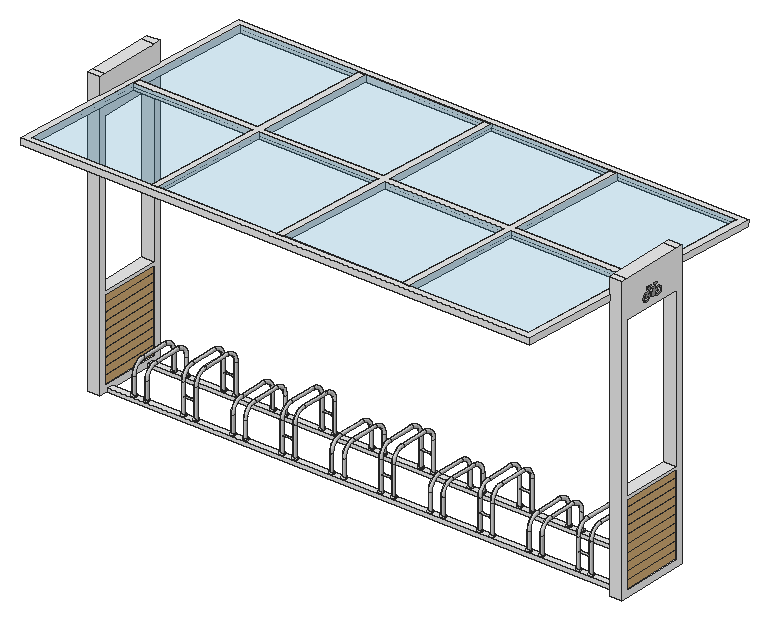
Revit family "L-FUM_자전거보관대_DWC-185_데오스웍스", category 일반 모델, Revit 2019 (continued)
Definition of nested family "DWC-185_base"
  Forms (mm)
    Extrusion 90, solid, detail levels coarse+medium
      sketch origin (0, -680, 0) x (1, 0, 0) y (0, 1, 0)
        loop
          line (4200, 800) -> (100, 800) -> (100, 750) -> (4200, 750) -> (4200, 800)
      from 0 to 30
    Sweep 91, solid, detail levels coarse+medium
      path origin (695.931, -679.946, -12) x (0, 1, 0) y (0, 0, 1)
        loop
          line (1174.95, 42) -> (1174.95, 290)
          arc (1174.95, 290) -> (1148.941, 352.791) -> (1086.15, 378.8) r 88.8
          line (1086.15, 378.8) -> (863.85, 378.8)
          arc (863.85, 378.8) -> (801.059, 352.791) -> (775.05, 290) r 88.8
          line (775.05, 290) -> (775.05, 42)
      profile "자전거스윕 : 자전거스윕" origin (695.931, 495.004, 154) x (0, -1, 0) y (1, 0, 0)
        loop
          circle (0, 0) r 11.15
    Sweep 92, solid, detail levels coarse+medium
      path origin (798.231, -679.946, -12) x (0, 1, 0) y (0, 0, 1)
        loop
          line (1174.95, 42) -> (1174.95, 290)
          arc (1174.95, 290) -> (1148.941, 352.791) -> (1086.15, 378.8) r 88.8
          line (1086.15, 378.8) -> (863.85, 378.8)
          arc (863.85, 378.8) -> (801.059, 352.791) -> (775.05, 290) r 88.8
          line (775.05, 290) -> (775.05, 42)
      profile "자전거스윕 : 자전거스윕" origin (798.231, 495.004, 154) x (0, -1, 0) y (1, 0, 0)
        loop
          circle (0, 0) r 11.15
    Sweep 93, solid, detail levels coarse+medium
      path origin (1490.531, -679.946, -12) x (0, 1, 0) y (0, 0, 1)
        loop
          line (1174.95, 42) -> (1174.95, 290)
          arc (1174.95, 290) -> (1148.941, 352.791) -> (1086.15, 378.8) r 88.8
          line (1086.15, 378.8) -> (863.85, 378.8)
          arc (863.85, 378.8) -> (801.059, 352.791) -> (775.05, 290) r 88.8
          line (775.05, 290) -> (775.05, 42)
      profile "자전거스윕 : 자전거스윕" origin (1490.531, 495.004, 154) x (0, -1, 0) y (1, 0, 0)
        loop
          circle (0, 0) r 11.15
    Sweep 94, solid, detail levels coarse+medium
      path origin (1592.831, -679.946, -12) x (0, 1, 0) y (0, 0, 1)
        loop
          line (1174.95, 42) -> (1174.95, 290)
          arc (1174.95, 290) -> (1148.941, 352.791) -> (1086.15, 378.8) r 88.8
          line (1086.15, 378.8) -> (863.85, 378.8)
          arc (863.85, 378.8) -> (801.059, 352.791) -> (775.05, 290) r 88.8
          line (775.05, 290) -> (775.05, 42)
      profile "자전거스윕 : 자전거스윕" origin (1592.831, 495.004, 154) x (0, -1, 0) y (1, 0, 0)
        loop
          circle (0, 0) r 11.15
    Sweep 95, solid, detail levels coarse+medium
      path origin (2285.131, -679.946, -12) x (0, 1, 0) y (0, 0, 1)
        loop
          line (1174.95, 42) -> (1174.95, 290)
          arc (1174.95, 290) -> (1148.941, 352.791) -> (1086.15, 378.8) r 88.8
          line (1086.15, 378.8) -> (863.85, 378.8)
          arc (863.85, 378.8) -> (801.059, 352.791) -> (775.05, 290) r 88.8
          line (775.05, 290) -> (775.05, 42)
      profile "자전거스윕 : 자전거스윕" origin (2285.131, 495.004, 154) x (0, -1, 0) y (1, 0, 0)
        loop
          circle (0, 0) r 11.15
    Sweep 96, solid, detail levels coarse+medium
      path origin (2387.431, -679.946, -12) x (0, 1, 0) y (0, 0, 1)
        loop
          line (1174.95, 42) -> (1174.95, 290)
          arc (1174.95, 290) -> (1148.941, 352.791) -> (1086.15, 378.8) r 88.8
          line (1086.15, 378.8) -> (863.85, 378.8)
          arc (863.85, 378.8) -> (801.059, 352.791) -> (775.05, 290) r 88.8
          line (775.05, 290) -> (775.05, 42)
      profile "자전거스윕 : 자전거스윕" origin (2387.431, 495.004, 154) x (0, -1, 0) y (1, 0, 0)
        loop
          circle (0, 0) r 11.15
    Sweep 97, solid, detail levels coarse+medium
      path origin (3079.731, -679.946, -12) x (0, 1, 0) y (0, 0, 1)
        loop
          line (1174.95, 42) -> (1174.95, 290)
          arc (1174.95, 290) -> (1148.941, 352.791) -> (1086.15, 378.8) r 88.8
          line (1086.15, 378.8) -> (863.85, 378.8)
          arc (863.85, 378.8) -> (801.059, 352.791) -> (775.05, 290) r 88.8
          line (775.05, 290) -> (775.05, 42)
      profile "자전거스윕 : 자전거스윕" origin (3079.731, 495.004, 154) x (0, -1, 0) y (1, 0, 0)
        loop
          circle (0, 0) r 11.15
    Sweep 98, solid, detail levels coarse+medium
      path origin (3182.031, -679.946, -12) x (0, 1, 0) y (0, 0, 1)
        loop
          line (1174.95, 42) -> (1174.95, 290)
          arc (1174.95, 290) -> (1148.941, 352.791) -> (1086.15, 378.8) r 88.8
          line (1086.15, 378.8) -> (863.85, 378.8)
          arc (863.85, 378.8) -> (801.059, 352.791) -> (775.05, 290) r 88.8
          line (775.05, 290) -> (775.05, 42)
      profile "자전거스윕 : 자전거스윕" origin (3182.031, 495.004, 154) x (0, -1, 0) y (1, 0, 0)
        loop
          circle (0, 0) r 11.15
    Sweep 99, solid, detail levels coarse+medium
      path origin (3874.331, -679.946, -12) x (0, 1, 0) y (0, 0, 1)
        loop
          line (1174.95, 42) -> (1174.95, 290)
          arc (1174.95, 290) -> (1148.941, 352.791) -> (1086.15, 378.8) r 88.8
          line (1086.15, 378.8) -> (863.85, 378.8)
          arc (863.85, 378.8) -> (801.059, 352.791) -> (775.05, 290) r 88.8
          line (775.05, 290) -> (775.05, 42)
      profile "자전거스윕 : 자전거스윕" origin (3874.331, 495.004, 154) x (0, -1, 0) y (1, 0, 0)
        loop
          circle (0, 0) r 11.15
    Sweep 100, solid, detail levels coarse+medium
      path origin (3976.631, -679.946, -12) x (0, 1, 0) y (0, 0, 1)
        loop
          line (1174.95, 42) -> (1174.95, 290)
          arc (1174.95, 290) -> (1148.941, 352.791) -> (1086.15, 378.8) r 88.8
          line (1086.15, 378.8) -> (863.85, 378.8)
          arc (863.85, 378.8) -> (801.059, 352.791) -> (775.05, 290) r 88.8
          line (775.05, 290) -> (775.05, 42)
      profile "자전거스윕 : 자전거스윕" origin (3976.631, 495.004, 154) x (0, -1, 0) y (1, 0, 0)
        loop
          circle (0, 0) r 11.15
    Sweep 101, solid, detail levels coarse+medium
      path origin (400.85, -679.946, -12) x (0, 1, 0) y (0, 0, 1)
        loop
          line (1174.95, 42) -> (1174.95, 190)
          arc (1174.95, 190) -> (1148.941, 252.791) -> (1086.15, 278.8) r 88.8
          line (1086.15, 278.8) -> (863.85, 278.8)
          arc (863.85, 278.8) -> (801.059, 252.791) -> (775.05, 190) r 88.8
          line (775.05, 190) -> (775.05, 42)
      profile "자전거스윕 : 자전거스윕" origin (400.85, 495.004, 104) x (0, -1, 0) y (1, 0, 0)
        loop
          circle (0, 0) r 11.15
    Sweep 102, solid, detail levels coarse+medium
      path origin (298.55, -679.946, -12) x (0, 1, 0) y (0, 0, 1)
        loop
          line (1174.95, 42) -> (1174.95, 190)
          arc (1174.95, 190) -> (1148.941, 252.791) -> (1086.15, 278.8) r 88.8
          line (1086.15, 278.8) -> (863.85, 278.8)
          arc (863.85, 278.8) -> (801.059, 252.791) -> (775.05, 190) r 88.8
          line (775.05, 190) -> (775.05, 42)
      profile "자전거스윕 : 자전거스윕" origin (298.55, 495.004, 104) x (0, -1, 0) y (1, 0, 0)
        loop
          circle (0, 0) r 11.15
    Sweep 103, solid, detail levels coarse+medium
      path origin (1195.45, -679.946, -12) x (0, 1, 0) y (0, 0, 1)
        loop
          line (1174.95, 42) -> (1174.95, 190)
          arc (1174.95, 190) -> (1148.941, 252.791) -> (1086.15, 278.8) r 88.8
          line (1086.15, 278.8) -> (863.85, 278.8)
          arc (863.85, 278.8) -> (801.059, 252.791) -> (775.05, 190) r 88.8
          line (775.05, 190) -> (775.05, 42)
      profile "자전거스윕 : 자전거스윕" origin (1195.45, 495.004, 104) x (0, -1, 0) y (1, 0, 0)
        loop
          circle (0, 0) r 11.15
    Sweep 104, solid, detail levels coarse+medium
      path origin (1093.15, -679.946, -12) x (0, 1, 0) y (0, 0, 1)
        loop
          line (1174.95, 42) -> (1174.95, 190)
          arc (1174.95, 190) -> (1148.941, 252.791) -> (1086.15, 278.8) r 88.8
          line (1086.15, 278.8) -> (863.85, 278.8)
          arc (863.85, 278.8) -> (801.059, 252.791) -> (775.05, 190) r 88.8
          line (775.05, 190) -> (775.05, 42)
      profile "자전거스윕 : 자전거스윕" origin (1093.15, 495.004, 104) x (0, -1, 0) y (1, 0, 0)
        loop
          circle (0, 0) r 11.15
    Sweep 105, solid, detail levels coarse+medium
      path origin (1990.05, -679.946, -12) x (0, 1, 0) y (0, 0, 1)
        loop
          line (1174.95, 42) -> (1174.95, 190)
          arc (1174.95, 190) -> (1148.941, 252.791) -> (1086.15, 278.8) r 88.8
          line (1086.15, 278.8) -> (863.85, 278.8)
          arc (863.85, 278.8) -> (801.059, 252.791) -> (775.05, 190) r 88.8
          line (775.05, 190) -> (775.05, 42)
      profile "자전거스윕 : 자전거스윕" origin (1990.05, 495.004, 104) x (0, -1, 0) y (1, 0, 0)
        loop
          circle (0, 0) r 11.15
    Sweep 106, solid, detail levels coarse+medium
      path origin (1887.75, -679.946, -12) x (0, 1, 0) y (0, 0, 1)
        loop
          line (1174.95, 42) -> (1174.95, 190)
          arc (1174.95, 190) -> (1148.941, 252.791) -> (1086.15, 278.8) r 88.8
          line (1086.15, 278.8) -> (863.85, 278.8)
          arc (863.85, 278.8) -> (801.059, 252.791) -> (775.05, 190) r 88.8
          line (775.05, 190) -> (775.05, 42)
      profile "자전거스윕 : 자전거스윕" origin (1887.75, 495.004, 104) x (0, -1, 0) y (1, 0, 0)
        loop
          circle (0, 0) r 11.15
    Sweep 107, solid, detail levels coarse+medium
      path origin (2784.65, -679.946, -12) x (0, 1, 0) y (0, 0, 1)
        loop
          line (1174.95, 42) -> (1174.95, 190)
          arc (1174.95, 190) -> (1148.941, 252.791) -> (1086.15, 278.8) r 88.8
          line (1086.15, 278.8) -> (863.85, 278.8)
          arc (863.85, 278.8) -> (801.059, 252.791) -> (775.05, 190) r 88.8
          line (775.05, 190) -> (775.05, 42)
      profile "자전거스윕 : 자전거스윕" origin (2784.65, 495.004, 104) x (0, -1, 0) y (1, 0, 0)
        loop
          circle (0, 0) r 11.15
    Sweep 108, solid, detail levels coarse+medium
      path origin (2682.35, -679.946, -12) x (0, 1, 0) y (0, 0, 1)
        loop
          line (1174.95, 42) -> (1174.95, 190)
          arc (1174.95, 190) -> (1148.941, 252.791) -> (1086.15, 278.8) r 88.8
          line (1086.15, 278.8) -> (863.85, 278.8)
          arc (863.85, 278.8) -> (801.059, 252.791) -> (775.05, 190) r 88.8
          line (775.05, 190) -> (775.05, 42)
      profile "자전거스윕 : 자전거스윕" origin (2682.35, 495.004, 104) x (0, -1, 0) y (1, 0, 0)
        loop
          circle (0, 0) r 11.15
    Sweep 109, solid, detail levels coarse+medium
      path origin (3579.25, -679.946, -12) x (0, 1, 0) y (0, 0, 1)
        loop
          line (1174.95, 42) -> (1174.95, 190)
          arc (1174.95, 190) -> (1148.941, 252.791) -> (1086.15, 278.8) r 88.8
          line (1086.15, 278.8) -> (863.85, 278.8)
          arc (863.85, 278.8) -> (801.059, 252.791) -> (775.05, 190) r 88.8
          line (775.05, 190) -> (775.05, 42)
      profile "자전거스윕 : 자전거스윕" origin (3579.25, 495.004, 104) x (0, -1, 0) y (1, 0, 0)
        loop
          circle (0, 0) r 11.15
    Sweep 110, solid, detail levels coarse+medium
      path origin (3476.95, -679.946, -12) x (0, 1, 0) y (0, 0, 1)
        loop
          line (1174.95, 42) -> (1174.95, 190)
          arc (1174.95, 190) -> (1148.941, 252.791) -> (1086.15, 278.8) r 88.8
          line (1086.15, 278.8) -> (863.85, 278.8)
          arc (863.85, 278.8) -> (801.059, 252.791) -> (775.05, 190) r 88.8
          line (775.05, 190) -> (775.05, 42)
      profile "자전거스윕 : 자전거스윕" origin (3476.95, 495.004, 104) x (0, -1, 0) y (1, 0, 0)
        loop
          circle (0, 0) r 11.15
  Dimensions and locks
    aligned and locked: level to plane 2
